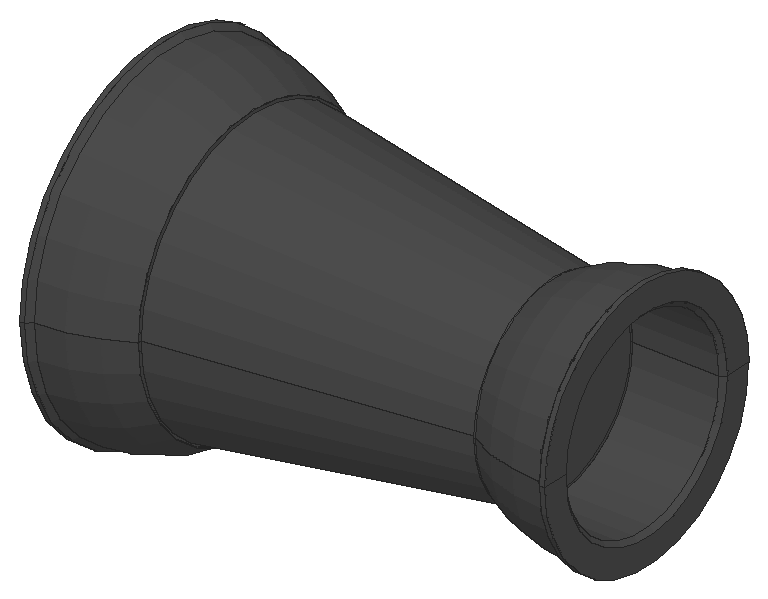
Revit family "Duc_JGS_Reducoes", category Pipe Fittings, Revit 2025
Family settings
  Round Connector Dimension = Use Diameter
  Part Type = Union
  Work Plane-Based = No
  Always vertical = No
  Cut with Voids When Loaded = No
  Shared = Yes
Parameters
  Tabela [instance] = "Duc_JGS_Reducoes"
  Nominal Radius2 [instance] = Corpo_R2  # 113.85 mm
  Nominal Radius [instance] = Corpo_R1  # 165.85 mm
  Nominal Diameter2 [instance] = 200.0 mm
  Nominal Diameter [instance] = 300.0 mm
  Material_Conexao = FOFO
  Manufacturer = "SGC"
  Loss Method = Not Defined
  K Coefficient Table = "Tee"
  EK7 [instance] = size_lookup(Tabela, "EK7", 5.2 mm, Nominal Diameter, Nominal Diameter2)  # 5.7 mm
  Description = "Reduções concecêntricas com bolsas"
  Default Elevation = 0.0 mm
  Corpo_R2 [instance] = Corpo_DE2 / 2  # 113.85 mm
  Corpo_R1 [instance] = Corpo_DE1 / 2  # 165.85 mm
  Corpo_L [instance] = size_lookup(Tabela, "Corpo_L", 200.0 mm, Nominal Diameter, Nominal Diameter2)  # 350.0 mm
  Corpo_DE2 [instance] = size_lookup(Tabela, "Bolsa_DE2", 54.2 mm, Nominal Diameter, Nominal Diameter2) + EK7  # 227.7 mm
  Corpo_DE1 [instance] = size_lookup(Tabela, "Bolsa_DE", 54.2 mm, Nominal Diameter, Nominal Diameter2) + EK7  # 331.7 mm
  Angle [instance] = 0.00°
Reference planes
  plane 1 "Center (Front/Back)": y = 0
  plane 2: z = 0
  plane 3 "Center (Left/Right)": x = 468.25
  plane 4 "EE": x = 293.25
  plane 5 "ED": x = 643.25
Forms (mm)
  SweptBlend 1, solid, material "FOFO" <- "Material_Conexao"
    path origin (0, 0, 0) x (1, 0, 0) y (0, 1, 0)
      loop
        line (293.25, 0) -> (643.25, 0)
    profile origin (293.25, 0, 0) x (0, 1, 0) y (0, 0, 1)
      loop
        circle (0, 0) r 165.85
    end profile origin (643.25, 0, 0) x (0, 1, 0) y (0, 0, 1)
      loop
        circle (0, 0) r 113.85
Dimensions and locks
  "Corpo_L": plane 4 "EE" to plane 5 "ED"
  equal spacing: plane 4 "EE", plane 3 "Center (Left/Right)", plane 5 "ED"
  "Corpo_DE1": diameter of SweptBlend 1 sketch curve
  "Corpo_DE2": diameter of SweptBlend 1 sketch curve
  aligned and locked: nested 2 to SweptBlend 1 sketch curve
  aligned and locked: plane 4 "EE" to SweptBlend 1 sketch curve
  aligned and locked: plane 5 "ED" to SweptBlend 1 sketch curve
  aligned and locked: nested 1 to plane 5 "ED"
  aligned and locked: nested 2 to plane 4 "EE"
Automatic sketch dimensions
  SweptBlend 1 sketch curve to level = 0.0 mm  (x2)
  SweptBlend 1 sketch curve to profile plane = 0.0 mm  (x2)
Nested families
  nested 1: "Duc_JGS_Bolsas" at (-1975, 0, 0), Nominal Radius <- "Nominal Radius2", Nominal Diameter <- "Nominal Diameter2", type "Duc_JGS_Bolsas"
    with Tabela "Duc_JGS_Bolsas", Nominal Radius 100.0 mm, Nominal Diameter 200.0 mm, EK7 5.4 mm, Borde2 10.8 mm, Borde1 5.4 mm, Bolsa_P 106.5 mm, Bolsa_DI 112.5 mm, Bolsa_DE1 116.4 mm, Bolsa_DE 111.0 mm, Bolsa_B 148.0 mm
  nested 2: "Duc_JGS_Bolsas" at (2911.5, 0, 0) x (-1, 0, 0) z (0, 0, 1), Nominal Diameter <- "Nominal Diameter", type "Duc_JGS_Bolsas"
    with Tabela "Duc_JGS_Bolsas", Nominal Radius 150.0 mm, Nominal Diameter 300.0 mm, EK7 5.7 mm, Borde2 11.4 mm, Borde1 5.7 mm, Bolsa_P 107.5 mm, Bolsa_DI 164.5 mm, Bolsa_DE1 168.7 mm, Bolsa_DE 163.0 mm, Bolsa_B 205.0 mm
Connectors
  piping at (643.25, 0, 0), diameter 200, driven by "Nominal Diameter2"
    settings: on SweptBlend 1, index 1, connector inside diameter 609.6 mm, connector length 0.0 mm, flow factor 0, pipe flow 0 L/s, pressure drop 0.00 psi, fitting loss kfactor 0, connector angle 0.00°, fixture units 0, engagement length 0.0 mm, angle of deflection 0.00°, flow configuration 0, flow direction 0, fitting loss method 0, system type 7, joint type 0, gender type 0, connector reference index -1, connector utility 0, adjustable connector no, is connector primary yes, connector description ""
  piping at (293.25, 0, 0), diameter 300, driven by "Nominal Diameter"
    settings: on SweptBlend 1, index 2, connector inside diameter 609.6 mm, connector length 0.0 mm, flow factor 0, pipe flow 0 L/s, pressure drop 0.00 psi, fitting loss kfactor 0, connector angle 0.00°, fixture units 0, engagement length 0.0 mm, angle of deflection 0.00°, flow configuration 0, flow direction 0, fitting loss method 0, system type 7, joint type 0, gender type 0, connector reference index -1, connector utility 0, adjustable connector no, is connector primary no, connector description ""
Definition of nested family "Duc_JGS_Bolsas"
  Parameters (values of type "Duc_JGS_Bolsas")
    Tabela [instance] = "Duc_JGS_Bolsas"
    Nominal Radius [instance] = Nominal Diameter / 2  # 40.0 mm
    Nominal Diameter [instance] = 80.0 mm
    Manufacturer = "SGC"
    Loss Method = 1
    K Coefficient Table = "Tee"
    EK7 [instance] = size_lookup(Tabela, "EK7", 5.2 mm, Nominal Diameter)  # 5.2 mm
    Description = "Bolsas JGS - JTI - JTE"
    Material_Conexao = none
    Default Elevation = 0.0 mm
    Borde2 [instance] = EK7 * 2  # 10.4 mm
    Borde1 [instance] = EK7  # 5.2 mm
    Bolsa_DE1 [instance] = Bolsa_DE + EK7  # 54.2 mm
    Bolsa_P [instance] = size_lookup(Tabela, "Bolsa_P", 94.5 mm, Nominal Diameter)  # 92.5 mm
    Bolsa_DI [instance] = size_lookup(Tabela, "Bolsa_DI", 60.5 mm, Nominal Diameter) / 2  # 50.5 mm
    Bolsa_DE [instance] = size_lookup(Tabela, "Bolsa_DE", 59.0 mm, Nominal Diameter) / 2  # 49.0 mm
    Bolsa_B [instance] = size_lookup(Tabela, "Bolsa_B", 118.0 mm, Nominal Diameter) / 2  # 84.0 mm
  Reference planes
    plane 1 "Center (Front/Back)": y = 0
    plane 2: z = 0
    plane 3 "Center (Left/Right)": x = 2618.25
    plane 4: x = 2710.75
    plane 5: y = 84
    plane 6: y = 50.5
    plane 7: y = 49
    plane 8: y = 54.2
  Forms (mm)
    Revolve 1, solid, material <- "Material_Conexao"
      sketch origin (0, 0, 0) x (1, 0, 0) y (0, 1, 0)
        loop
          line (2618.25, 50.5) -> (2705.55, 50.5) -> (2710.75, 55.7) -> (2710.75, 84) -> (2705.55, 84) -> (2700.35, 78.8)
          arc (2700.35, 78.8) -> (2657.555, 72.323) -> (2618.25, 54.2) r 154.08
          line (2618.25, 54.2) -> (2617.25, 54.2) -> (2617.25, 49) -> (2618.25, 49) -> (2618.25, 50.5)
        axis (2617.25, 0) -> (2710.75, 0)
      angle from 0 to 360
  Lines and regions (mm)
    model lines
      curve 1: line (2618.25, 0, 200.5) -> (2618.25, 0, -200.5)
      curve 3: line (2618.25, 0, 0) -> (2710.75, 0, 0)
    reference lines
      curve 2: line (2618.25, 0, 0) -> (2710.75, 0, 0)
  Dimensions and locks
    "Borde1": Revolve 1 sketch curve to Revolve 1 sketch curve  (x4)
    "Borde2": Revolve 1 sketch curve to Revolve 1 sketch curve
    "Borde1": Revolve 1 sketch curve to plane 8
    "Bolsa_B": plane 5 to plane 1 "Center (Front/Back)"
    "Bolsa_DI": plane 6 to plane 1 "Center (Front/Back)"
    "Bolsa_DE": plane 7 to plane 1 "Center (Front/Back)"
    "Bolsa_DE1": plane 8 to plane 1 "Center (Front/Back)"
    "Bolsa_P": plane 3 "Center (Left/Right)" to plane 4
    locked: Revolve 1 sketch curve to Revolve 1 sketch curve at 1
    aligned and locked: plane 5 to Revolve 1 sketch curve
    aligned and locked: Revolve 1 sketch curve to plane 6
    aligned and locked: Revolve 1 sketch curve to plane 3 "Center (Left/Right)"
    aligned and locked: plane 1 "Center (Front/Back)" to curve 2
    aligned and locked: curve 2 to plane 3 "Center (Left/Right)"
    aligned and locked: plane 4 to curve 2
    aligned and locked: curve 3 to curve 2
  Automatic sketch dimensions
    curve 1 to plane 1 "Center (Front/Back)" = 0.0 mm
    curve 1 to level = 200.5 mm
    level to curve 1 = 200.5 mm
    curve 3 to plane 3 "Center (Left/Right)" = 0.0 mm
    curve 3 to plane 4 = 0.0 mm
    Revolve 1 sketch curve to plane 1 "Center (Front/Back)" = 0.0 mm
    Revolve 1 sketch curve to plane 3 "Center (Left/Right)" = 0.0 mm  (x2)
    Revolve 1 sketch curve to plane 4 = 0.0 mm
    Revolve 1 sketch curve to plane 8 = 0.0 mm
    Revolve 1 sketch curve to plane 4 = 8.97 mm
    plane 4 to Revolve 1 sketch curve = 1.322 mm
